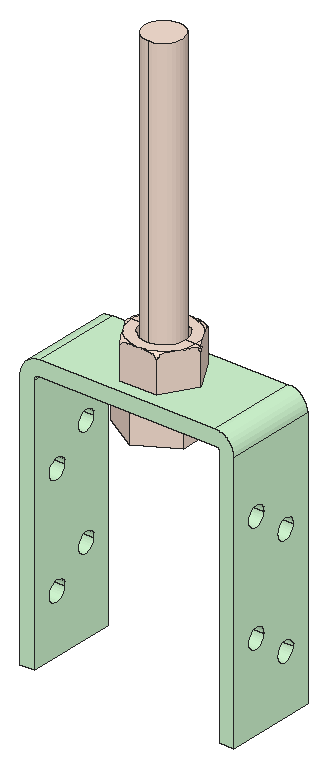
Revit family "キャッチャーボルト40幅", category 機械設備, Revit 2022
Family settings
  丸型コネクタ寸法 = 直径を使用
  種別 = なし
  パーツ タイプ = 標準
  作業面ベース = いいえ
  常に垂直 = はい
  ロード時にボイドで切り取り = いいえ
  注釈の向きを維持 = いいえ
  共有 = いいえ
  部屋計算ポイント = いいえ
Parameters
  製造元 = "株式会社桐井製作所"
  既定の高さ = 0 mm
  URL = "https://www.kirii.co.jp/"
  K_品名 = "キャッチャーボルト40幅"
  K_名称 = "斜め部材(ブレース)上部取付金具"
  K_バージョン情報 = "20250901"
Reference planes
  plane 1 "中心(正面/背面)": y = 0
  plane 2: z = 0
  plane 3 "中心(左/右)": x = 0
Forms (mm)
  Extrusion 1, solid
    sketch origin (-0.479, 0, -19.861) x (1, 0, 0) y (0, 0, 1)
      loop
        line (23.929, 18.961) -> (23.929, 75.961)
        arc (23.929, 75.961) -> (22.699, 78.931) -> (19.729, 80.161) r 4.2
        line (19.729, 80.161) -> (-18.771, 80.161)
        arc (-18.771, 80.161) -> (-21.741, 78.931) -> (-22.971, 75.961) r 4.2
        line (-22.971, 75.961) -> (-22.971, 18.961) -> (-19.771, 18.961) -> (-19.771, 75.961)
        arc (-19.771, 75.961) -> (-19.478, 76.668) -> (-18.771, 76.961) r 1
        line (-18.771, 76.961) -> (19.729, 76.961)
        arc (19.729, 76.961) -> (20.436, 76.668) -> (20.729, 75.961) r 1
        line (20.729, 75.961) -> (20.729, 18.961) -> (23.929, 18.961)
    from 0 to 20
  Extrusion 2, void
    sketch origin (0, 0, 57.1) x (1, 0, 0) y (0, 1, 0)
      loop
        circle (0, -10) r 5
    from 0 to 3.2
  Extrusion 3, void
    sketch origin (43.7, 0, 0) x (0, 1, 0) y (0, 0, 1)
      loop
        circle (-14, 42) r 2.25
      loop
        circle (-6, 36) r 2.25
      loop
        circle (-14, 18) r 2.25
      loop
        circle (-6, 12) r 2.25
    from -20.25 to -23.45
  Extrusion 4, void
    sketch origin (0, -20, 0) x (0, -1, 0) y (0, 0, -1)
      loop
        circle (-14, -42) r 2.25
      loop
        circle (-6, -36) r 2.25
      loop
        circle (-14, -18) r 2.25
      loop
        circle (-6, -12) r 2.25
    from -20.25 to -23.45
Cuts and joins
  Extrusion 2, Extrusion 3, Extrusion 4 cuts Extrusion 1
Dimensions and locks
  aligned and locked: level to plane 2
Nested families
  nested 1: "ナット" at (0, -10, 60.3) x (-1, 0, 0) z (0, 0, 1), type "ナット"
  nested 2: "M10×70ボルト" at (0, -10, 50.1) x (0, 1, 0) z (-1, 0, 0), type "M10×70ボルト"
Definition of nested family "ナット"
  Parameters (values of type "ナット")
    Default Elevation = 1219.2 mm
  Reference planes
    plane 1 "中心(正面/背面)": y = 0
    plane 2: z = 0
    plane 3 "中心(左/右)": x = 0
  Forms (mm)
    Extrusion 1, solid
      sketch origin (0, 0, 0) x (1, 0, 0) y (0, 1, 0)
        loop
          line (-55, 45) -> (-55, -45.273) -> (55.986, -45.273) -> (55.986, 45) -> (-55, 45)
      from 0 to -304.8
    Revolve 2, solid
      sketch origin (0, 0, 2.36) x (1, 0, 0) y (0, 0, 1)
        loop
          arc (8.083, 4.64) -> (7.781, 5.356) -> (7.057, 5.64) r 1
          line (7.057, 5.64) -> (4.765, 5.64) -> (4.765, -2.36) -> (8.083, -2.36) -> (8.083, 4.64)
        axis (0, 5.64) -> (0, -2.36)
      angle from 0 to 360
    Extrusion 3, void
      sketch origin (0, 0, 0) x (1, 0, 0) y (0, 1, 0)
        loop
          line (8.083, 0) -> (4.041, 7) -> (-4.041, 7) -> (-8.083, 0) -> (-4.041, -7) -> (4.041, -7) -> (8.083, 0)
        loop
          circle (0, 0) r 8.42
      from 0 to 8.277
  Cuts and joins
    Extrusion 3 cuts Revolve 2
  Dimensions and locks
    aligned and locked: plane 2 to Extrusion 1
    aligned and locked: level to Extrusion 1
Definition of nested family "M10×70ボルト"
  Parameters (values of type "M10×70ボルト")
    Manufacturer = "株式会社桐井製作所"
    Default Elevation = 0 mm
    URL = "https://www.kirii.co.jp/"
    K_材料規格 = "M10×L60"
    K_品名 = "M10×60ボルト"
    K_名称 = "M10×60ボルト"
    K_備考 = "KIRIIアングルクランプ付属品"
  Reference planes
    plane 1 "中心(正面/背面)": y = 0
    plane 2: z = 0
    plane 3 "中心(左/右)": x = 0
    plane 4: x = 8
    plane 5: x = -8
    plane 6 "正面": y = -7
    plane 7: z = 8
    plane 8: z = -8
  Forms (mm)
    Extrusion 1, solid
      sketch origin (0, 0, 0) x (1, 0, 0) y (0, 0, 1)
        loop
          line (-4.619, 8) -> (-9.238, 0) -> (-4.619, -8) -> (4.619, -8) -> (9.238, 0) -> (4.619, 8) -> (-4.619, 8)
      from 0 to 7
    Extrusion 2, solid
      sketch origin (0, 0, 25.676) x (1, 0, 0) y (0, 0, 1)
        loop
          circle (0, -25.676) r 4.1
      from 7 to 77
  Cuts and joins
    joined: Extrusion 1, Extrusion 2
  Lines and regions (mm)
    model lines
      curve 1: circle (0, 0, 0) r 8 normal (0, -1, 0)
  Dimensions and locks
    aligned and locked: level to plane 2
